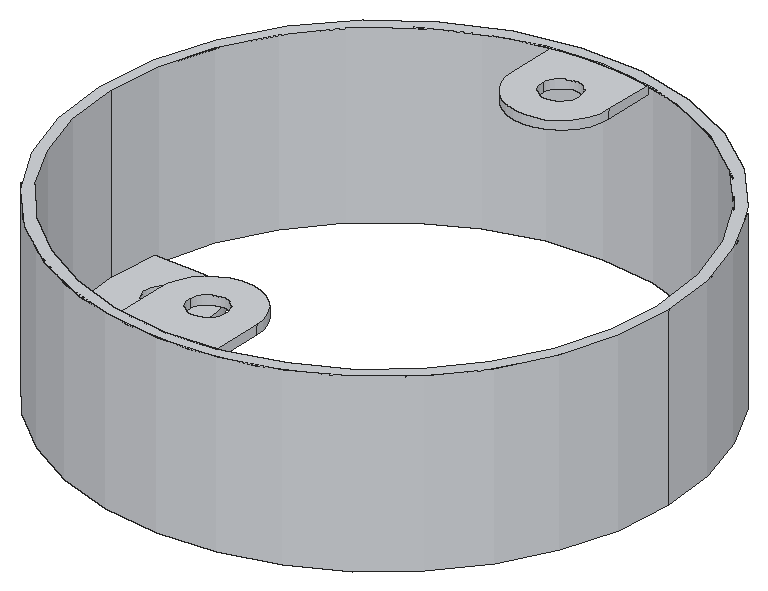
Revit family "SR20B", category Generic Models, Revit 2017
Family settings
  Can host rebar = No
  Round Connector Dimension = Use Diameter
  Part Type = Normal
  Work Plane-Based = Yes
  Always vertical = No
  Cut with Voids When Loaded = No
  Shared = No
  Room Calculation Point = No
Parameters (values of type "NBS Standard Parameters")
  Weight = "0.0445Kg"
  WarrantyStartDate [instance] = "1900-12-31T23:59:59"
  WarrantyGuarantorParts = "n/a"
  WarrantyGuarantorLabor = "n/a"
  WarrantyDurationUnit = "1 year"
  WarrantyDurationParts = "n/a"
  WarrantyDurationLabor = "n/a"
  WarrantyDescription = "n/a"
  Version = "1"
  Uniclass2 = "Pr_65_70_11_20"
  TagNumber [instance] = "n/a"
  SustainabilityPerformance = "n/a"
  Size = "20mm"
  Shape = "Circular"
  SerialNumber [instance] = "n/a"
  Revision = "n/a"
  ReplacementCost = "n/a"
  ProductInformation = "www.metpro.co.uk/pdf/sr20g.pdf"
  NominalWidth = 65 mm
  NominalLength = 65 mm
  NominalHeight = 20 mm
  Name = ""
  NBSTypeID = ""
  NBSReference = "90-55-10/460"
  NBSOfficeMasterTag = ""
  NBSNote = ""
  NBSDescription = "Conduit Fittings"
  NBSCertification = ""
  ModelReference = "SR20B"
  ModelNumber = "n/a"
  Material = "Steel"
  ManufacturerURL = "www.metpro.co.uk"
  ManufacturerName = "Metpro Ltd"
  InstallationDate [instance] = "1900-12-31T23:59:59"
  IfcExportType = ""
  IfcExportAs = ""
  Grade = "n/a"
  Finish = "Black"
  Features = "n/a"
  ExpectedLife = "n/a"
  DurationUnit = "year"
  Description = "SR20B - 20mm Extension Ring"
  Default Elevation = 1219.2 mm
  Constituents = "n/a"
  Color = "n/a"
  CodePerformance = "n/a"
  Category = "n/a"
  BarCode [instance] = "n/a"
  BIMObjectName = "Metpro_metprolibrary_conduitfittings_metalcomponent_steelaccessories"
  Author = "Metpro Ltd"
  AssetType = ""
  AssetIdentifier [instance] = "n/a"
  AccessibilityPerformance = "n/a"
Reference planes
  plane 1 "Center (Front/Back)": y = 0
  plane 2: z = 0
  plane 3 "Center (Left/Right)": x = 0
Forms (mm)
  Extrusion 1, solid
    sketch origin (-1570.932, 414.696, 0) x (1, 0, 0) y (0, 1, 0)
      loop
        circle (0, 0) r 32.5
      loop
        circle (0, 0) r 31.25
    from 0 to 20
  Extrusion 2, solid
    sketch origin (-1570.932, 414.696, 20) x (1, 0, 0) y (0, 1, 0)
      loop
        arc (5.546, -25.174) -> (0.046, -19.674) -> (-5.454, -25.174) r 5.5
        line (-5.454, -25.174) -> (-5.454, -30.77)
        arc (-5.454, -30.77) -> (0.047, -31.25) -> (5.546, -30.754) r 31.25
        line (5.546, -30.754) -> (5.546, -25.174)
      loop
        circle (0, -25.2) r 2.1
      loop
        line (5.546, 25.174) -> (5.546, 30.754)
        arc (5.546, 30.754) -> (0.047, 31.25) -> (-5.454, 30.77) r 31.25
        line (-5.454, 30.77) -> (-5.454, 25.174)
        arc (-5.454, 25.174) -> (0.046, 19.674) -> (5.546, 25.174) r 5.5
      loop
        circle (0, 25.2) r 2.1
    from 0 to -1
  Extrusion 3, solid
    sketch origin (-1570.932, 414.696, 0) x (0, 1, 0) y (1, 0, 0)
      loop
        line (5.546, 25.174) -> (5.546, 30.754)
        arc (5.546, 30.754) -> (0.047, 31.25) -> (-5.454, 30.77) r 31.25
        line (-5.454, 30.77) -> (-5.454, 25.174)
        arc (-5.454, 25.174) -> (0.046, 19.674) -> (5.546, 25.174) r 5.5
      loop
        circle (0, 25.2) r 2.1
      loop
        arc (5.546, -25.174) -> (0.046, -19.674) -> (-5.454, -25.174) r 5.5
        line (-5.454, -25.174) -> (-5.454, -30.77)
        arc (-5.454, -30.77) -> (0.047, -31.25) -> (5.546, -30.754) r 31.25
        line (5.546, -30.754) -> (5.546, -25.174)
      loop
        circle (0, -25.2) r 2.1
    from 0 to -1
Dimensions and locks
  aligned and locked: level to plane 2
